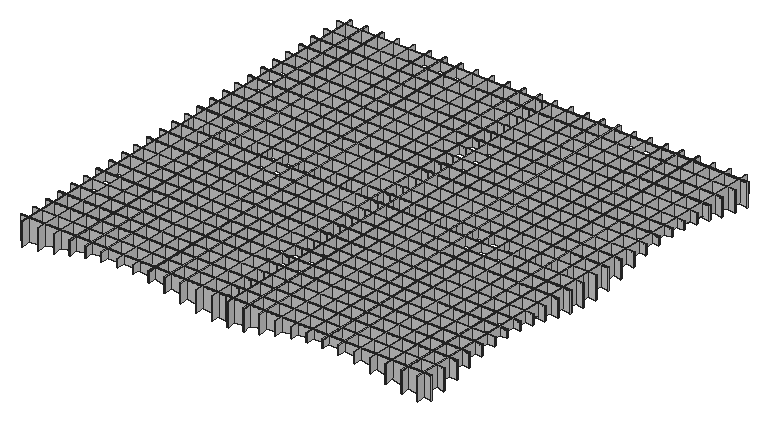
Revit family "CLD-WFL-002_RFA", category Modelos genéricos, Revit 2022 (continued)
Forms (in)
  Extrusion 429, solid
    sketch origin (145.61822, 216, 0) x (0, -1, 0) y (0, 0, 1)
      loop
        spline (37.14578, 2.4093) -> (37.87194, 2.30632) -> (38.59907, 2.20751) -> (39.32723, 2.11315) -> (40.05647, 2.02349) -> (40.78684, 1.93878) -> (41.51831, 1.85902) -> (42.25083, 1.78415) -> (42.98434, 1.71406) -> (43.71879, 1.64869) -> (44.45413, 1.58794) -> (45.19029, 1.53174) -> (45.92722, 1.47999)
        spline (45.92722, 1.47999) -> (46.57816, 1.44092) -> (47.22964, 1.40553) -> (47.88162, 1.37376) -> (48.53404, 1.34552) -> (49.18687, 1.32076) -> (49.84004, 1.2994) -> (50.49352, 1.28136) -> (51.14725, 1.26658) -> (51.80119, 1.25497) -> (52.45529, 1.24648) -> (53.1095, 1.24101) -> (53.76378, 1.23852)
        spline (53.76378, 1.23852) -> (54.49695, 1.24145) -> (55.23005, 1.2477) -> (55.96302, 1.25736) -> (56.69581, 1.2705) -> (57.42836, 1.2872) -> (58.16063, 1.30755) -> (58.89256, 1.33163) -> (59.62409, 1.35951) -> (60.35518, 1.39128) -> (61.08577, 1.42702) -> (61.8158, 1.46681) -> (62.54522, 1.51073)
        spline (62.54522, 1.51073) -> (63.20286, 1.5569) -> (63.85981, 1.60706) -> (64.51602, 1.66127) -> (65.17144, 1.7196) -> (65.82603, 1.78214) -> (66.47973, 1.84896) -> (67.1325, 1.92013) -> (67.78428, 1.99572) -> (68.43505, 2.07573) -> (69.08486, 2.15994) -> (69.73376, 2.24811) -> (70.38178, 2.34001)
        spline (70.38178, 2.34001) -> (71.11719, 2.45082) -> (71.85175, 2.56518) -> (72.58552, 2.6828) -> (73.31856, 2.80343) -> (74.05092, 2.92677) -> (74.78266, 3.05256) -> (75.51384, 3.1805) -> (76.2445, 3.31033) -> (76.97472, 3.44177) -> (77.70454, 3.57454) -> (78.43402, 3.70836) -> (79.16322, 3.84296)
        spline (79.16322, 3.84296) -> (79.81589, 3.96449) -> (80.46845, 4.08604) -> (81.12094, 4.20735) -> (81.77342, 4.32817) -> (82.42595, 4.44826) -> (83.07858, 4.56736) -> (83.73137, 4.68523) -> (84.38439, 4.80161) -> (85.03768, 4.91625) -> (85.6913, 5.02891) -> (86.34531, 5.13933) -> (86.99978, 5.24726)
        spline (86.99978, 5.24726) -> (87.72678, 5.36123) -> (88.45444, 5.47173) -> (89.18283, 5.57848) -> (89.91201, 5.68121) -> (90.64203, 5.77964) -> (91.37298, 5.87351) -> (92.10489, 5.96254) -> (92.83785, 6.04646) -> (93.5719, 6.125) -> (94.30712, 6.19789) -> (95.04356, 6.26486) -> (95.78122, 6.32579)
        spline (95.78122, 6.32579) -> (96.46987, 6.37175) -> (97.15943, 6.41238) -> (97.84985, 6.44778) -> (98.54104, 6.47801) -> (99.23294, 6.50316) -> (99.92548, 6.5233) -> (100.61859, 6.53851) -> (101.3122, 6.54886) -> (102.00624, 6.55445) -> (102.70063, 6.55534) -> (103.39532, 6.55161) -> (104.09022, 6.54334)
        spline (104.09022, 6.54334) -> (104.41609, 6.5372) -> (104.74197, 6.53005) -> (105.06787, 6.52189) -> (105.39376, 6.51274) -> (105.71965, 6.50259) -> (106.04553, 6.49146) -> (106.37138, 6.47935) -> (106.6972, 6.46628) -> (107.02298, 6.45226) -> (107.34871, 6.43729) -> (107.67439, 6.42139) -> (108, 6.40455)
        line (108, 6.40455) -> (108, 11.82144)
    from -0.11811 to 0
  Extrusion 430, solid
    sketch origin (137.30922, 216, 0) x (0, -1, 0) y (0, 0, 1)
      loop
        line (108, 11.82144) -> (0, 11.82144) -> (0, 4.58891)
        spline (0, 4.58891) -> (0.32561, 4.62796) -> (0.65129, 4.66617) -> (0.97702, 4.70353) -> (1.3028, 4.74004) -> (1.62862, 4.77569) -> (1.95447, 4.81048) -> (2.28035, 4.84439) -> (2.60624, 4.87743) -> (2.93213, 4.90957) -> (3.25803, 4.94083) -> (3.58391, 4.97119) -> (3.90978, 5.00064)
        spline (3.90978, 5.00064) -> (4.64427, 5.06081) -> (5.37851, 5.11675) -> (6.11244, 5.16838) -> (6.84597, 5.21566) -> (7.57904, 5.25851) -> (8.31157, 5.29688) -> (9.04348, 5.33072) -> (9.7747, 5.35995) -> (10.50516, 5.38452) -> (11.23478, 5.40437) -> (11.96349, 5.41944) -> (12.69122, 5.42966)
        spline (12.69122, 5.42966) -> (13.34952, 5.43128) -> (14.00673, 5.42829) -> (14.66285, 5.42076) -> (15.31792, 5.40886) -> (15.97202, 5.39278) -> (16.62518, 5.37269) -> (17.27747, 5.34877) -> (17.92894, 5.32119) -> (18.57965, 5.29014) -> (19.22966, 5.2558) -> (19.87902, 5.21833) -> (20.52778, 5.17793)
        spline (20.52778, 5.17793) -> (21.26115, 5.12722) -> (21.99402, 5.0737) -> (22.72645, 5.01759) -> (23.45851, 4.95908) -> (24.19025, 4.89838) -> (24.92176, 4.8357) -> (25.65308, 4.77124) -> (26.38429, 4.70521) -> (27.11544, 4.63782) -> (27.84661, 4.56926) -> (28.57785, 4.49975) -> (29.30922, 4.42949)
        spline (29.30922, 4.42949) -> (29.95995, 4.366) -> (30.61094, 4.30234) -> (31.26223, 4.2387) -> (31.91387, 4.17525) -> (32.56591, 4.11218) -> (33.21841, 4.04966) -> (33.87141, 3.98789) -> (34.52497, 3.92703) -> (35.17914, 3.86728) -> (35.83396, 3.80881) -> (36.48949, 3.75181) -> (37.14578, 3.69645)
        spline (37.14578, 3.69645) -> (37.87194, 3.63892) -> (38.59907, 3.58371) -> (39.32723, 3.53102) -> (40.05647, 3.48105) -> (40.78684, 3.43397) -> (41.51831, 3.38979) -> (42.25083, 3.34845) -> (42.98434, 3.30989) -> (43.7188, 3.27405) -> (44.45413, 3.24086) -> (45.19029, 3.21027) -> (45.92722, 3.18221)
        spline (45.92722, 3.18221) -> (46.57816, 3.16116) -> (47.22964, 3.14217) -> (47.88162, 3.12519) -> (48.53404, 3.11017) -> (49.18687, 3.09705) -> (49.84004, 3.08579) -> (50.49352, 3.07632) -> (51.14725, 3.06859) -> (51.80119, 3.06255) -> (52.45529, 3.05816) -> (53.1095, 3.05535) -> (53.76378, 3.05407)
        spline (53.76378, 3.05407) -> (54.49695, 3.0556) -> (55.23004, 3.05885) -> (55.96301, 3.06387) -> (56.6958, 3.07073) -> (57.42836, 3.07948) -> (58.16062, 3.09019) -> (58.89255, 3.10292) -> (59.62409, 3.11771) -> (60.35517, 3.13464) -> (61.08576, 3.15376) -> (61.81579, 3.17514) -> (62.54522, 3.19882)
        spline (62.54522, 3.19882) -> (63.20286, 3.22386) -> (63.85981, 3.25117) -> (64.51602, 3.28078) -> (65.17144, 3.31277) -> (65.82603, 3.34719) -> (66.47973, 3.38408) -> (67.1325, 3.42351) -> (67.78428, 3.46553) -> (68.43505, 3.51013) -> (69.08486, 3.55715) -> (69.73376, 3.60642) -> (70.38178, 3.65777)
        spline (70.38178, 3.65777) -> (71.1172, 3.71948) -> (71.85176, 3.78304) -> (72.58554, 3.84824) -> (73.31858, 3.91488) -> (74.05094, 3.98275) -> (74.78268, 4.05166) -> (75.51385, 4.12139) -> (76.24452, 4.19176) -> (76.97473, 4.26254) -> (77.70455, 4.33354) -> (78.43403, 4.40456) -> (79.16322, 4.47539)
        spline (79.16322, 4.47539) -> (79.80403, 4.53723) -> (80.44473, 4.59841) -> (81.08536, 4.65876) -> (81.72599, 4.7181) -> (82.36666, 4.77623) -> (83.00743, 4.83299) -> (83.64836, 4.88819) -> (84.28951, 4.94166) -> (84.93093, 4.9932) -> (85.57267, 5.04265) -> (86.21481, 5.08982) -> (86.85738, 5.13453)
        spline (86.85738, 5.13453) -> (87.59614, 5.18092) -> (88.33559, 5.22395) -> (89.07577, 5.26344) -> (89.81676, 5.29917) -> (90.55862, 5.33094) -> (91.30141, 5.35856) -> (92.04519, 5.38181) -> (92.79004, 5.4005) -> (93.53601, 5.41442) -> (94.28316, 5.42338) -> (95.03157, 5.42716) -> (95.78122, 5.4257)
        spline (95.78122, 5.4257) -> (96.43065, 5.41648) -> (97.08095, 5.40294) -> (97.73207, 5.38513) -> (98.38393, 5.36311) -> (99.03648, 5.33693) -> (99.68963, 5.30665) -> (100.34334, 5.27231) -> (100.99753, 5.23398) -> (101.65213, 5.19169) -> (102.30709, 5.14552) -> (102.96233, 5.09551) -> (103.61778, 5.04172)
        spline (103.61778, 5.04172) -> (103.98301, 5.00943) -> (104.34827, 4.97613) -> (104.71354, 4.94182) -> (105.07881, 4.90651) -> (105.44407, 4.8702) -> (105.80932, 4.83291) -> (106.17455, 4.79465) -> (106.53974, 4.75541) -> (106.90489, 4.71521) -> (107.26999, 4.67406) -> (107.63503, 4.63196) -> (108, 4.58891)
        line (108, 4.58891) -> (108, 11.82144)
    from -0.11811 to 0
  Extrusion 431, solid
    sketch origin (129.00022, 216, 0) x (0, -1, 0) y (0, 0, 1)
      loop
        line (108, 11.82144) -> (0, 11.82144) -> (0, 2.55729)
        spline (0, 2.55729) -> (0.32561, 2.61504) -> (0.65129, 2.67215) -> (0.97702, 2.72862) -> (1.3028, 2.78445) -> (1.62862, 2.83963) -> (1.95447, 2.89415) -> (2.28035, 2.94802) -> (2.60624, 3.00123) -> (2.93213, 3.05379) -> (3.25803, 3.10567) -> (3.58391, 3.15689) -> (3.90978, 3.20744)
        spline (3.90978, 3.20744) -> (4.64427, 3.31686) -> (5.37851, 3.42317) -> (6.11243, 3.52634) -> (6.84596, 3.62635) -> (7.57903, 3.72316) -> (8.31156, 3.81675) -> (9.04347, 3.90709) -> (9.77469, 3.99415) -> (10.50515, 4.07789) -> (11.23478, 4.1583) -> (11.96349, 4.23534) -> (12.69122, 4.30898)
        spline (12.69122, 4.30898) -> (13.34952, 4.37039) -> (14.00673, 4.4286) -> (14.66285, 4.48364) -> (15.31792, 4.53559) -> (15.97202, 4.58455) -> (16.62518, 4.63059) -> (17.27747, 4.67381) -> (17.92894, 4.71429) -> (18.57965, 4.75212) -> (19.22966, 4.78738) -> (19.87902, 4.82016) -> (20.52778, 4.85054)
        spline (20.52778, 4.85054) -> (21.26115, 4.88062) -> (21.99402, 4.90823) -> (22.72646, 4.93347) -> (23.45851, 4.95644) -> (24.19026, 4.97724) -> (24.92176, 4.99598) -> (25.65309, 5.01275) -> (26.38429, 5.02764) -> (27.11545, 5.04077) -> (27.84661, 5.05223) -> (28.57785, 5.06211) -> (29.30922, 5.07053)
        spline (29.30922, 5.07053) -> (29.95995, 5.07584) -> (30.61094, 5.08009) -> (31.26223, 5.08336) -> (31.91387, 5.08574) -> (32.56591, 5.08733) -> (33.21841, 5.0882) -> (33.87141, 5.08846) -> (34.52497, 5.08817) -> (35.17914, 5.08744) -> (35.83396, 5.08636) -> (36.48949, 5.085) -> (37.14578, 5.08346)
        spline (37.14578, 5.08346) -> (37.87194, 5.08165) -> (38.59907, 5.0799) -> (39.32723, 5.0783) -> (40.05647, 5.07696) -> (40.78684, 5.07594) -> (41.51831, 5.07527) -> (42.25083, 5.07491) -> (42.98434, 5.07483) -> (43.7188, 5.075) -> (44.45413, 5.07538) -> (45.19029, 5.07596) -> (45.92722, 5.0767)
        spline (45.92722, 5.0767) -> (46.57816, 5.07753) -> (47.22964, 5.07843) -> (47.88162, 5.07937) -> (48.53404, 5.08033) -> (49.18687, 5.08128) -> (49.84004, 5.0822) -> (50.49352, 5.08306) -> (51.14725, 5.08383) -> (51.80119, 5.0845) -> (52.45529, 5.08503) -> (53.1095, 5.0854) -> (53.76378, 5.08558)
        spline (53.76378, 5.08558) -> (54.49695, 5.08542) -> (55.23004, 5.08505) -> (55.96301, 5.0845) -> (56.6958, 5.0838) -> (57.42835, 5.08298) -> (58.16062, 5.08206) -> (58.89255, 5.08107) -> (59.62408, 5.08005) -> (60.35517, 5.07902) -> (61.08576, 5.07801) -> (61.81579, 5.07705) -> (62.54522, 5.07616)
        spline (62.54522, 5.07616) -> (63.20286, 5.07551) -> (63.85981, 5.075) -> (64.51602, 5.07466) -> (65.17144, 5.07452) -> (65.82603, 5.0746) -> (66.47973, 5.07493) -> (67.1325, 5.07554) -> (67.78428, 5.07645) -> (68.43505, 5.07766) -> (69.08486, 5.07909) -> (69.73376, 5.08066) -> (70.38178, 5.08229)
        spline (70.38178, 5.08229) -> (71.1172, 5.08386) -> (71.85177, 5.08523) -> (72.58555, 5.08629) -> (73.31859, 5.08695) -> (74.05095, 5.08712) -> (74.78269, 5.08668) -> (75.51386, 5.08555) -> (76.24453, 5.08362) -> (76.97474, 5.08079) -> (77.70455, 5.07697) -> (78.43403, 5.07206) -> (79.16322, 5.06596)
        spline (79.16322, 5.06596) -> (79.81589, 5.05858) -> (80.46845, 5.04989) -> (81.12094, 5.0398) -> (81.77342, 5.02821) -> (82.42595, 5.01505) -> (83.07858, 5.00022) -> (83.73137, 4.98363) -> (84.38439, 4.9652) -> (85.03768, 4.94483) -> (85.6913, 4.92244) -> (86.34531, 4.89793) -> (86.99978, 4.87123)
        spline (86.99978, 4.87123) -> (87.72677, 4.83707) -> (88.45442, 4.80022) -> (89.18281, 4.7606) -> (89.91198, 4.7181) -> (90.642, 4.67263) -> (91.37294, 4.62408) -> (92.10486, 4.57237) -> (92.83781, 4.5174) -> (93.57187, 4.45907) -> (94.3071, 4.39728) -> (95.04355, 4.33194) -> (95.78122, 4.26301)
        spline (95.78122, 4.26301) -> (96.43065, 4.19725) -> (97.08095, 4.12847) -> (97.73207, 4.05667) -> (98.38393, 3.9819) -> (99.03648, 3.90417) -> (99.68963, 3.82352) -> (100.34334, 3.73996) -> (100.99753, 3.65352) -> (101.65213, 3.56424) -> (102.30709, 3.47213) -> (102.96233, 3.37722) -> (103.61778, 3.27954)
        spline (103.61778, 3.27954) -> (103.98302, 3.22342) -> (104.34828, 3.16655) -> (104.71355, 3.10893) -> (105.07882, 3.05057) -> (105.44409, 2.99146) -> (105.80934, 2.93162) -> (106.17456, 2.87105) -> (106.53976, 2.80974) -> (106.9049, 2.74771) -> (107.27, 2.68496) -> (107.63504, 2.62148) -> (108, 2.55729)
        line (108, 2.55729) -> (108, 11.82144)
    from -0.11811 to 0
  Extrusion 432, solid
    sketch origin (120.69122, 216, 0) x (0, -1, 0) y (0, 0, 1)
      loop
        line (108, 11.82144) -> (0, 11.82144) -> (0, 0.88375)
        spline (0, 0.88375) -> (0.32561, 0.94348) -> (0.65129, 1.00296) -> (0.97702, 1.06219) -> (1.3028, 1.12116) -> (1.62862, 1.1799) -> (1.95447, 1.23838) -> (2.28035, 1.29662) -> (2.60624, 1.35462) -> (2.93213, 1.41237) -> (3.25803, 1.46988) -> (3.58391, 1.52715) -> (3.90978, 1.58418)
        spline (3.90978, 1.58418) -> (4.64426, 1.71122) -> (5.37851, 1.8372) -> (6.11243, 1.96212) -> (6.84596, 2.086) -> (7.57903, 2.20885) -> (8.31155, 2.33067) -> (9.04347, 2.45149) -> (9.77469, 2.57131) -> (10.50515, 2.69014) -> (11.23478, 2.80798) -> (11.96349, 2.92486) -> (12.69122, 3.04079)
        spline (12.69122, 3.04079) -> (13.34952, 3.14441) -> (14.00673, 3.24717) -> (14.66285, 3.34906) -> (15.31792, 3.45005) -> (15.97202, 3.55011) -> (16.62518, 3.64921) -> (17.27747, 3.74732) -> (17.92894, 3.8444) -> (18.57965, 3.94043) -> (19.22966, 4.03537) -> (19.87902, 4.12919) -> (20.52778, 4.22187)
        spline (20.52778, 4.22187) -> (21.26116, 4.32437) -> (21.99403, 4.42546) -> (22.72646, 4.52511) -> (23.45852, 4.62328) -> (24.19027, 4.71993) -> (24.92177, 4.81503) -> (25.6531, 4.90854) -> (26.3843, 5.00042) -> (27.11545, 5.09065) -> (27.84662, 5.17918) -> (28.57786, 5.26598) -> (29.30922, 5.35101)
        spline (29.30922, 5.35101) -> (29.95995, 5.42391) -> (30.61094, 5.49516) -> (31.26223, 5.56472) -> (31.91387, 5.63257) -> (32.56591, 5.69867) -> (33.21841, 5.763) -> (33.87141, 5.82551) -> (34.52497, 5.88618) -> (35.17914, 5.94498) -> (35.83396, 6.00187) -> (36.48949, 6.05683) -> (37.14578, 6.10982)
        spline (37.14578, 6.10982) -> (37.87194, 6.16453) -> (38.59907, 6.21702) -> (39.32723, 6.26723) -> (40.05647, 6.31514) -> (40.78684, 6.36072) -> (41.51831, 6.40397) -> (42.25083, 6.44489) -> (42.98434, 6.4835) -> (43.71879, 6.51981) -> (44.45413, 6.55383) -> (45.19029, 6.58557) -> (45.92722, 6.61503)
        spline (45.92722, 6.61503) -> (46.57816, 6.6376) -> (47.22964, 6.65822) -> (47.88162, 6.67689) -> (48.53404, 6.69363) -> (49.18687, 6.70845) -> (49.84004, 6.72134) -> (50.49352, 6.73234) -> (51.14725, 6.74143) -> (51.80119, 6.74863) -> (52.45529, 6.75396) -> (53.1095, 6.75742) -> (53.76378, 6.75901)
        spline (53.76378, 6.75901) -> (54.49695, 6.7572) -> (55.23004, 6.75331) -> (55.96301, 6.74732) -> (56.6958, 6.73922) -> (57.42835, 6.72901) -> (58.16062, 6.71667) -> (58.89255, 6.7022) -> (59.62408, 6.68557) -> (60.35517, 6.66679) -> (61.08576, 6.64585) -> (61.81579, 6.62272) -> (62.54522, 6.59741)
        spline (62.54522, 6.59741) -> (63.20286, 6.57112) -> (63.85981, 6.54281) -> (64.51602, 6.51247) -> (65.17144, 6.48008) -> (65.82603, 6.44563) -> (66.47973, 6.40912) -> (67.1325, 6.37054) -> (67.78428, 6.32988) -> (68.43505, 6.28713) -> (69.08486, 6.24233) -> (69.73376, 6.19551) -> (70.38178, 6.14669)
        spline (70.38178, 6.14669) -> (71.1172, 6.08737) -> (71.85177, 6.02584) -> (72.58554, 5.96214) -> (73.31858, 5.89631) -> (74.05094, 5.82838) -> (74.78268, 5.75838) -> (75.51386, 5.68636) -> (76.24452, 5.61234) -> (76.97473, 5.53637) -> (77.70455, 5.45847) -> (78.43403, 5.37869) -> (79.16322, 5.29705)
        spline (79.16322, 5.29705) -> (79.81589, 5.22111) -> (80.46845, 5.14359) -> (81.12094, 5.06452) -> (81.77342, 4.98394) -> (82.42595, 4.90188) -> (83.07858, 4.81837) -> (83.73137, 4.73344) -> (84.38439, 4.64713) -> (85.03768, 4.55947) -> (85.6913, 4.47048) -> (86.34531, 4.3802) -> (86.99978, 4.28866)
        spline (86.99978, 4.28866) -> (87.72677, 4.18488) -> (88.45442, 4.07981) -> (89.1828, 3.97349) -> (89.91197, 3.86595) -> (90.64199, 3.75723) -> (91.37293, 3.64737) -> (92.10485, 3.53639) -> (92.8378, 3.42433) -> (93.57186, 3.31123) -> (94.30709, 3.19712) -> (95.04354, 3.08203) -> (95.78122, 2.96599)
        spline (95.78122, 2.96599) -> (96.4698, 2.85601) -> (97.15931, 2.74512) -> (97.84968, 2.63332) -> (98.54085, 2.52058) -> (99.23273, 2.40692) -> (99.92527, 2.2923) -> (100.61838, 2.17673) -> (101.31201, 2.06019) -> (102.00608, 1.94268) -> (102.70052, 1.82418) -> (103.39525, 1.70469) -> (104.09022, 1.58418)
        spline (104.09022, 1.58418) -> (104.41609, 1.52715) -> (104.74197, 1.46988) -> (105.06787, 1.41237) -> (105.39376, 1.35462) -> (105.71965, 1.29662) -> (106.04553, 1.23838) -> (106.37138, 1.1799) -> (106.6972, 1.12116) -> (107.02298, 1.06219) -> (107.34871, 1.00296) -> (107.67439, 0.94348) -> (108, 0.88375)
        line (108, 0.88375) -> (108, 11.82144)
    from -0.11811 to 0
  Extrusion 433, solid
    sketch origin (169.95467, 216, 0) x (0, -1, 0) y (0, 0, 1)
      loop
        line (108, 11.82144) -> (0, 11.82144) -> (0, 7.49745)
        spline (0, 7.49745) -> (0.32561, 7.50061) -> (0.65129, 7.5028) -> (0.97702, 7.504) -> (1.3028, 7.50421) -> (1.62862, 7.5034) -> (1.95447, 7.50158) -> (2.28035, 7.49874) -> (2.60624, 7.49485) -> (2.93213, 7.48991) -> (3.25803, 7.48392) -> (3.58391, 7.47685) -> (3.90978, 7.46871)
        spline (3.90978, 7.46871) -> (4.64427, 7.44283) -> (5.37852, 7.41184) -> (6.11245, 7.37564) -> (6.84598, 7.33415) -> (7.57905, 7.28726) -> (8.31158, 7.23488) -> (9.04349, 7.17692) -> (9.77471, 7.11327) -> (10.50517, 7.04386) -> (11.23479, 6.96857) -> (11.9635, 6.88732) -> (12.69122, 6.80001)
        spline (12.69122, 6.80001) -> (13.34456, 6.71191) -> (13.99682, 6.61804) -> (14.64799, 6.5185) -> (15.29813, 6.41358) -> (15.94729, 6.30354) -> (16.59553, 6.18867) -> (17.2429, 6.06925) -> (17.88946, 5.94556) -> (18.53527, 5.81787) -> (19.18038, 5.68647) -> (19.82484, 5.55162) -> (20.46871, 5.41362)
        spline (20.46871, 5.41362) -> (21.20701, 5.25043) -> (21.94481, 5.08446) -> (22.68216, 4.91603) -> (23.41914, 4.74548) -> (24.15581, 4.57314) -> (24.89224, 4.39932) -> (25.62848, 4.22436) -> (26.36461, 4.04857) -> (27.10068, 3.8723) -> (27.83677, 3.69586) -> (28.57293, 3.51959) -> (29.30922, 3.3438)
        spline (29.30922, 3.3438) -> (29.95995, 3.18922) -> (30.61094, 3.03586) -> (31.26223, 2.884) -> (31.91387, 2.73392) -> (32.56591, 2.58591) -> (33.21841, 2.44027) -> (33.87141, 2.29726) -> (34.52497, 2.15719) -> (35.17914, 2.02034) -> (35.83396, 1.88699) -> (36.48949, 1.75744) -> (37.14578, 1.63196)
        spline (37.14578, 1.63196) -> (37.87194, 1.50186) -> (38.59907, 1.37703) -> (39.32723, 1.25779) -> (40.05647, 1.14445) -> (40.78684, 1.03728) -> (41.51831, 0.93629) -> (42.25083, 0.84139) -> (42.98434, 0.75249) -> (43.71879, 0.66948) -> (44.45413, 0.59228) -> (45.19029, 0.52078) -> (45.92722, 0.45488)
        spline (45.92722, 0.45488) -> (46.57816, 0.40504) -> (47.22964, 0.35985) -> (47.88162, 0.31924) -> (48.53404, 0.28312) -> (49.18687, 0.2514) -> (49.84004, 0.224) -> (50.49352, 0.20084) -> (51.14725, 0.18183) -> (51.80119, 0.1669) -> (52.45529, 0.15595) -> (53.1095, 0.14891) -> (53.76378, 0.14568)
        spline (53.76378, 0.14568) -> (54.49695, 0.14945) -> (55.23005, 0.1575) -> (55.96302, 0.16993) -> (56.69581, 0.18682) -> (57.42837, 0.20828) -> (58.16064, 0.23439) -> (58.89257, 0.26525) -> (59.6241, 0.30095) -> (60.35518, 0.34158) -> (61.08577, 0.38725) -> (61.8158, 0.43804) -> (62.54522, 0.49405)
        spline (62.54522, 0.49405) -> (63.20286, 0.55285) -> (63.85981, 0.61666) -> (64.51602, 0.68555) -> (65.17144, 0.75961) -> (65.82603, 0.83894) -> (66.47973, 0.92362) -> (67.1325, 1.01374) -> (67.78428, 1.10938) -> (68.43505, 1.21052) -> (69.08486, 1.31692) -> (69.73376, 1.42831) -> (70.38178, 1.54441)
        spline (70.38178, 1.54441) -> (71.11719, 1.68452) -> (71.85174, 1.82919) -> (72.58551, 1.97812) -> (73.31855, 2.13097) -> (74.05091, 2.28743) -> (74.78265, 2.44718) -> (75.51383, 2.60988) -> (76.24449, 2.77524) -> (76.97471, 2.94291) -> (77.70453, 3.11258) -> (78.43402, 3.28394) -> (79.16322, 3.45665)
        spline (79.16322, 3.45665) -> (79.81589, 3.61318) -> (80.46845, 3.77015) -> (81.12094, 3.92726) -> (81.77342, 4.08422) -> (82.42595, 4.24075) -> (83.07858, 4.39655) -> (83.73137, 4.55134) -> (84.38439, 4.70482) -> (85.03768, 4.85671) -> (85.6913, 5.00672) -> (86.34531, 5.15455) -> (86.99978, 5.29992)
        spline (86.99978, 5.29992) -> (87.72678, 5.4553) -> (88.45445, 5.60712) -> (89.18284, 5.75506) -> (89.91202, 5.8988) -> (90.64204, 6.03803) -> (91.37299, 6.17243) -> (92.1049, 6.3017) -> (92.83786, 6.42551) -> (93.57191, 6.54354) -> (94.30712, 6.6555) -> (95.04356, 6.76106) -> (95.78122, 6.8601)
        spline (95.78122, 6.8601) -> (96.43065, 6.93786) -> (97.08095, 7.01021) -> (97.73207, 7.07724) -> (98.38393, 7.13903) -> (99.03648, 7.19567) -> (99.68963, 7.24723) -> (100.34334, 7.29382) -> (100.99753, 7.33551) -> (101.65213, 7.37238) -> (102.30709, 7.40452) -> (102.96233, 7.43202) -> (103.61778, 7.45496)
        spline (103.61778, 7.45496) -> (103.98301, 7.46494) -> (104.34826, 7.47372) -> (104.71353, 7.4813) -> (105.0788, 7.48768) -> (105.44406, 7.4929) -> (105.80931, 7.49695) -> (106.17454, 7.49984) -> (106.53973, 7.5016) -> (106.90488, 7.50223) -> (107.26998, 7.50173) -> (107.63503, 7.50014) -> (108, 7.49745)
        line (108, 7.49745) -> (108, 11.82144)
    from -0.11811 to 0
  Extrusion 434, solid
    sketch origin (170.07278, 216, 0) x (0, -1, 0) y (0, 0, 1)
      loop
        line (108, 11.82144) -> (0, 11.82144) -> (0, 7.49745)
        spline (0, 7.49745) -> (0.32561, 7.50061) -> (0.65129, 7.5028) -> (0.97702, 7.504) -> (1.3028, 7.50421) -> (1.62862, 7.5034) -> (1.95447, 7.50158) -> (2.28035, 7.49874) -> (2.60624, 7.49485) -> (2.93213, 7.48991) -> (3.25803, 7.48392) -> (3.58391, 7.47685) -> (3.90978, 7.46871)
        spline (3.90978, 7.46871) -> (4.64427, 7.44283) -> (5.37852, 7.41184) -> (6.11245, 7.37564) -> (6.84598, 7.33415) -> (7.57905, 7.28726) -> (8.31158, 7.23488) -> (9.04349, 7.17692) -> (9.77471, 7.11327) -> (10.50517, 7.04386) -> (11.23479, 6.96857) -> (11.9635, 6.88732) -> (12.69122, 6.80001)
        spline (12.69122, 6.80001) -> (13.34456, 6.71191) -> (13.99682, 6.61804) -> (14.64799, 6.5185) -> (15.29813, 6.41358) -> (15.94729, 6.30354) -> (16.59553, 6.18867) -> (17.2429, 6.06925) -> (17.88946, 5.94556) -> (18.53527, 5.81787) -> (19.18038, 5.68647) -> (19.82484, 5.55162) -> (20.46871, 5.41362)
        spline (20.46871, 5.41362) -> (21.20701, 5.25043) -> (21.94481, 5.08446) -> (22.68216, 4.91603) -> (23.41914, 4.74548) -> (24.15581, 4.57314) -> (24.89224, 4.39932) -> (25.62848, 4.22436) -> (26.36461, 4.04857) -> (27.10068, 3.8723) -> (27.83677, 3.69586) -> (28.57293, 3.51959) -> (29.30922, 3.3438)
        spline (29.30922, 3.3438) -> (29.95995, 3.18922) -> (30.61094, 3.03586) -> (31.26223, 2.884) -> (31.91387, 2.73392) -> (32.56591, 2.58591) -> (33.21841, 2.44027) -> (33.87141, 2.29726) -> (34.52497, 2.15719) -> (35.17914, 2.02034) -> (35.83396, 1.88699) -> (36.48949, 1.75744) -> (37.14578, 1.63196)
        spline (37.14578, 1.63196) -> (37.87194, 1.50186) -> (38.59907, 1.37703) -> (39.32723, 1.25779) -> (40.05647, 1.14445) -> (40.78684, 1.03728) -> (41.51831, 0.93629) -> (42.25083, 0.84139) -> (42.98434, 0.75249) -> (43.71879, 0.66948) -> (44.45413, 0.59228) -> (45.19029, 0.52078) -> (45.92722, 0.45488)
        spline (45.92722, 0.45488) -> (46.57816, 0.40504) -> (47.22964, 0.35985) -> (47.88162, 0.31924) -> (48.53404, 0.28312) -> (49.18687, 0.2514) -> (49.84004, 0.224) -> (50.49352, 0.20084) -> (51.14725, 0.18183) -> (51.80119, 0.1669) -> (52.45529, 0.15595) -> (53.1095, 0.14891) -> (53.76378, 0.14568)
        spline (53.76378, 0.14568) -> (54.49695, 0.14945) -> (55.23005, 0.1575) -> (55.96302, 0.16993) -> (56.69581, 0.18682) -> (57.42837, 0.20828) -> (58.16064, 0.23439) -> (58.89257, 0.26525) -> (59.6241, 0.30095) -> (60.35518, 0.34158) -> (61.08577, 0.38725) -> (61.8158, 0.43804) -> (62.54522, 0.49405)
        spline (62.54522, 0.49405) -> (63.20286, 0.55285) -> (63.85981, 0.61666) -> (64.51602, 0.68555) -> (65.17144, 0.75961) -> (65.82603, 0.83894) -> (66.47973, 0.92362) -> (67.1325, 1.01374) -> (67.78428, 1.10938) -> (68.43505, 1.21052) -> (69.08486, 1.31692) -> (69.73376, 1.42831) -> (70.38178, 1.54441)
        spline (70.38178, 1.54441) -> (71.11719, 1.68452) -> (71.85174, 1.82919) -> (72.58551, 1.97812) -> (73.31855, 2.13097) -> (74.05091, 2.28743) -> (74.78265, 2.44718) -> (75.51383, 2.60988) -> (76.24449, 2.77524) -> (76.97471, 2.94291) -> (77.70453, 3.11258) -> (78.43402, 3.28394) -> (79.16322, 3.45665)
        spline (79.16322, 3.45665) -> (79.81589, 3.61318) -> (80.46845, 3.77015) -> (81.12094, 3.92726) -> (81.77342, 4.08422) -> (82.42595, 4.24075) -> (83.07858, 4.39655) -> (83.73137, 4.55134) -> (84.38439, 4.70482) -> (85.03768, 4.85671) -> (85.6913, 5.00672) -> (86.34531, 5.15455) -> (86.99978, 5.29992)
        spline (86.99978, 5.29992) -> (87.72678, 5.4553) -> (88.45445, 5.60712) -> (89.18284, 5.75506) -> (89.91202, 5.8988) -> (90.64204, 6.03803) -> (91.37299, 6.17243) -> (92.1049, 6.3017) -> (92.83786, 6.42551) -> (93.57191, 6.54354) -> (94.30712, 6.6555) -> (95.04356, 6.76106) -> (95.78122, 6.8601)
        spline (95.78122, 6.8601) -> (96.43065, 6.93786) -> (97.08095, 7.01021) -> (97.73207, 7.07724) -> (98.38393, 7.13903) -> (99.03648, 7.19567) -> (99.68963, 7.24723) -> (100.34334, 7.29382) -> (100.99753, 7.33551) -> (101.65213, 7.37238) -> (102.30709, 7.40452) -> (102.96233, 7.43202) -> (103.61778, 7.45496)
        spline (103.61778, 7.45496) -> (103.98301, 7.46494) -> (104.34826, 7.47372) -> (104.71353, 7.4813) -> (105.0788, 7.48768) -> (105.44406, 7.4929) -> (105.80931, 7.49695) -> (106.17454, 7.49984) -> (106.53973, 7.5016) -> (106.90488, 7.50223) -> (107.26998, 7.50173) -> (107.63503, 7.50014) -> (108, 7.49745)
        line (108, 7.49745) -> (108, 11.82144)
    from -0.47244 to 0
  Extrusion 435, solid
    sketch origin (170.54522, 216, 0) x (0, -1, 0) y (0, 0, 1)
      loop
        line (108, 11.82144) -> (0, 11.82144) -> (0, 7.49745)
        spline (0, 7.49745) -> (0.32561, 7.50061) -> (0.65129, 7.5028) -> (0.97702, 7.504) -> (1.3028, 7.50421) -> (1.62862, 7.5034) -> (1.95447, 7.50158) -> (2.28035, 7.49874) -> (2.60624, 7.49485) -> (2.93213, 7.48991) -> (3.25803, 7.48392) -> (3.58391, 7.47685) -> (3.90978, 7.46871)
        spline (3.90978, 7.46871) -> (4.64427, 7.44283) -> (5.37852, 7.41184) -> (6.11245, 7.37564) -> (6.84598, 7.33415) -> (7.57905, 7.28726) -> (8.31158, 7.23488) -> (9.04349, 7.17692) -> (9.77471, 7.11327) -> (10.50517, 7.04386) -> (11.23479, 6.96857) -> (11.9635, 6.88732) -> (12.69122, 6.80001)
        spline (12.69122, 6.80001) -> (13.34456, 6.71191) -> (13.99682, 6.61804) -> (14.64799, 6.5185) -> (15.29813, 6.41358) -> (15.94729, 6.30354) -> (16.59553, 6.18867) -> (17.2429, 6.06925) -> (17.88946, 5.94556) -> (18.53527, 5.81787) -> (19.18038, 5.68647) -> (19.82484, 5.55162) -> (20.46871, 5.41362)
        spline (20.46871, 5.41362) -> (21.20701, 5.25043) -> (21.94481, 5.08446) -> (22.68216, 4.91603) -> (23.41914, 4.74548) -> (24.15581, 4.57314) -> (24.89224, 4.39932) -> (25.62848, 4.22436) -> (26.36461, 4.04857) -> (27.10068, 3.8723) -> (27.83677, 3.69586) -> (28.57293, 3.51959) -> (29.30922, 3.3438)
        spline (29.30922, 3.3438) -> (29.95995, 3.18922) -> (30.61094, 3.03586) -> (31.26223, 2.884) -> (31.91387, 2.73392) -> (32.56591, 2.58591) -> (33.21841, 2.44027) -> (33.87141, 2.29726) -> (34.52497, 2.15719) -> (35.17914, 2.02034) -> (35.83396, 1.88699) -> (36.48949, 1.75744) -> (37.14578, 1.63196)
        spline (37.14578, 1.63196) -> (37.87194, 1.50186) -> (38.59907, 1.37703) -> (39.32723, 1.25779) -> (40.05647, 1.14445) -> (40.78684, 1.03728) -> (41.51831, 0.93629) -> (42.25083, 0.84139) -> (42.98434, 0.75249) -> (43.71879, 0.66948) -> (44.45413, 0.59228) -> (45.19029, 0.52078) -> (45.92722, 0.45488)
        spline (45.92722, 0.45488) -> (46.57816, 0.40504) -> (47.22964, 0.35985) -> (47.88162, 0.31924) -> (48.53404, 0.28312) -> (49.18687, 0.2514) -> (49.84004, 0.224) -> (50.49352, 0.20084) -> (51.14725, 0.18183) -> (51.80119, 0.1669) -> (52.45529, 0.15595) -> (53.1095, 0.14891) -> (53.76378, 0.14568)
        spline (53.76378, 0.14568) -> (54.49695, 0.14945) -> (55.23005, 0.1575) -> (55.96302, 0.16993) -> (56.69581, 0.18682) -> (57.42837, 0.20828) -> (58.16064, 0.23439) -> (58.89257, 0.26525) -> (59.6241, 0.30095) -> (60.35518, 0.34158) -> (61.08577, 0.38725) -> (61.8158, 0.43804) -> (62.54522, 0.49405)
        spline (62.54522, 0.49405) -> (63.20286, 0.55285) -> (63.85981, 0.61666) -> (64.51602, 0.68555) -> (65.17144, 0.75961) -> (65.82603, 0.83894) -> (66.47973, 0.92362) -> (67.1325, 1.01374) -> (67.78428, 1.10938) -> (68.43505, 1.21052) -> (69.08486, 1.31692) -> (69.73376, 1.42831) -> (70.38178, 1.54441)
        spline (70.38178, 1.54441) -> (71.11719, 1.68452) -> (71.85174, 1.82919) -> (72.58551, 1.97812) -> (73.31855, 2.13097) -> (74.05091, 2.28743) -> (74.78265, 2.44718) -> (75.51383, 2.60988) -> (76.24449, 2.77524) -> (76.97471, 2.94291) -> (77.70453, 3.11258) -> (78.43402, 3.28394) -> (79.16322, 3.45665)
        spline (79.16322, 3.45665) -> (79.81589, 3.61318) -> (80.46845, 3.77015) -> (81.12094, 3.92726) -> (81.77342, 4.08422) -> (82.42595, 4.24075) -> (83.07858, 4.39655) -> (83.73137, 4.55134) -> (84.38439, 4.70482) -> (85.03768, 4.85671) -> (85.6913, 5.00672) -> (86.34531, 5.15455) -> (86.99978, 5.29992)
        spline (86.99978, 5.29992) -> (87.72678, 5.4553) -> (88.45445, 5.60712) -> (89.18284, 5.75506) -> (89.91202, 5.8988) -> (90.64204, 6.03803) -> (91.37299, 6.17243) -> (92.1049, 6.3017) -> (92.83786, 6.42551) -> (93.57191, 6.54354) -> (94.30712, 6.6555) -> (95.04356, 6.76106) -> (95.78122, 6.8601)
        spline (95.78122, 6.8601) -> (96.43065, 6.93786) -> (97.08095, 7.01021) -> (97.73207, 7.07724) -> (98.38393, 7.13903) -> (99.03648, 7.19567) -> (99.68963, 7.24723) -> (100.34334, 7.29382) -> (100.99753, 7.33551) -> (101.65213, 7.37238) -> (102.30709, 7.40452) -> (102.96233, 7.43202) -> (103.61778, 7.45496)
        spline (103.61778, 7.45496) -> (103.98301, 7.46494) -> (104.34826, 7.47372) -> (104.71353, 7.4813) -> (105.0788, 7.48768) -> (105.44406, 7.4929) -> (105.80931, 7.49695) -> (106.17454, 7.49984) -> (106.53973, 7.5016) -> (106.90488, 7.50223) -> (107.26998, 7.50173) -> (107.63503, 7.50014) -> (108, 7.49745)
        line (108, 7.49745) -> (108, 11.82144)
    from -0.11811 to 0
  Extrusion 436, solid
    sketch origin (178.26367, 216, 0) x (0, -1, 0) y (0, 0, 1)
      loop
        line (108, 11.82144) -> (0, 11.82144) -> (0, 6.40455)
        spline (0, 6.40455) -> (0.32561, 6.42139) -> (0.65129, 6.43729) -> (0.97702, 6.45226) -> (1.3028, 6.46628) -> (1.62862, 6.47935) -> (1.95447, 6.49146) -> (2.28035, 6.50259) -> (2.60624, 6.51274) -> (2.93213, 6.52189) -> (3.25803, 6.53005) -> (3.58391, 6.5372) -> (3.90978, 6.54334)
        spline (3.90978, 6.54334) -> (4.64427, 6.55011) -> (5.37852, 6.55208) -> (6.11244, 6.54917) -> (6.84598, 6.5413) -> (7.57905, 6.52839) -> (8.31157, 6.51035) -> (9.04349, 6.4871) -> (9.77471, 6.45856) -> (10.50517, 6.42465) -> (11.23479, 6.38528) -> (11.9635, 6.34038) -> (12.69122, 6.28985)
        spline (12.69122, 6.28985) -> (13.34952, 6.23514) -> (14.00673, 6.17505) -> (14.66285, 6.10968) -> (15.31792, 6.03926) -> (15.97202, 5.96405) -> (16.62518, 5.88427) -> (17.27747, 5.80017) -> (17.92894, 5.712) -> (18.57965, 5.62) -> (19.22966, 5.52441) -> (19.87902, 5.42547) -> (20.52778, 5.32343)
        spline (20.52778, 5.32343) -> (21.26115, 5.20293) -> (21.99402, 5.07965) -> (22.72645, 4.95385) -> (23.4585, 4.82583) -> (24.19025, 4.69586) -> (24.92176, 4.56423) -> (25.65308, 4.43121) -> (26.38429, 4.29709) -> (27.11544, 4.16214) -> (27.84661, 4.02665) -> (28.57785, 3.8909) -> (29.30922, 3.75516)
        spline (29.30922, 3.75516) -> (29.95995, 3.63466) -> (30.61094, 3.51485) -> (31.26223, 3.39599) -> (31.91387, 3.2783) -> (32.56591, 3.16206) -> (33.21841, 3.04749) -> (33.87141, 2.93486) -> (34.52497, 2.8244) -> (35.17914, 2.71637) -> (35.83396, 2.61101) -> (36.48949, 2.50857) -> (37.14578, 2.4093)
        spline (37.14578, 2.4093) -> (37.87194, 2.30632) -> (38.59907, 2.20751) -> (39.32723, 2.11315) -> (40.05647, 2.02349) -> (40.78684, 1.93878) -> (41.51831, 1.85902) -> (42.25083, 1.78415) -> (42.98434, 1.71406) -> (43.71879, 1.64869) -> (44.45413, 1.58794) -> (45.19029, 1.53174) -> (45.92722, 1.47999)
        spline (45.92722, 1.47999) -> (46.57816, 1.44092) -> (47.22964, 1.40553) -> (47.88162, 1.37376) -> (48.53404, 1.34552) -> (49.18687, 1.32076) -> (49.84004, 1.2994) -> (50.49352, 1.28136) -> (51.14725, 1.26658) -> (51.80119, 1.25497) -> (52.45529, 1.24648) -> (53.1095, 1.24101) -> (53.76378, 1.23852)
        spline (53.76378, 1.23852) -> (54.49695, 1.24145) -> (55.23005, 1.2477) -> (55.96302, 1.25736) -> (56.69581, 1.2705) -> (57.42836, 1.2872) -> (58.16063, 1.30755) -> (58.89256, 1.33163) -> (59.62409, 1.35951) -> (60.35518, 1.39128) -> (61.08577, 1.42702) -> (61.8158, 1.46681) -> (62.54522, 1.51073)
        spline (62.54522, 1.51073) -> (63.20286, 1.5569) -> (63.85981, 1.60706) -> (64.51602, 1.66127) -> (65.17144, 1.7196) -> (65.82603, 1.78214) -> (66.47973, 1.84896) -> (67.1325, 1.92013) -> (67.78428, 1.99572) -> (68.43505, 2.07573) -> (69.08486, 2.15994) -> (69.73376, 2.24811) -> (70.38178, 2.34001)
        spline (70.38178, 2.34001) -> (71.11719, 2.45082) -> (71.85175, 2.56518) -> (72.58552, 2.6828) -> (73.31856, 2.80343) -> (74.05092, 2.92677) -> (74.78266, 3.05256) -> (75.51384, 3.1805) -> (76.2445, 3.31033) -> (76.97472, 3.44177) -> (77.70454, 3.57454) -> (78.43402, 3.70836) -> (79.16322, 3.84296)
        spline (79.16322, 3.84296) -> (79.81589, 3.96449) -> (80.46845, 4.08604) -> (81.12094, 4.20735) -> (81.77342, 4.32817) -> (82.42595, 4.44826) -> (83.07858, 4.56736) -> (83.73137, 4.68523) -> (84.38439, 4.80161) -> (85.03768, 4.91625) -> (85.6913, 5.02891) -> (86.34531, 5.13933) -> (86.99978, 5.24726)
        spline (86.99978, 5.24726) -> (87.72678, 5.36123) -> (88.45444, 5.47173) -> (89.18283, 5.57848) -> (89.91201, 5.68121) -> (90.64203, 5.77964) -> (91.37298, 5.87351) -> (92.10489, 5.96254) -> (92.83785, 6.04646) -> (93.5719, 6.125) -> (94.30712, 6.19789) -> (95.04356, 6.26486) -> (95.78122, 6.32579)
        spline (95.78122, 6.32579) -> (96.46987, 6.37175) -> (97.15943, 6.41238) -> (97.84985, 6.44778) -> (98.54104, 6.47801) -> (99.23294, 6.50316) -> (99.92548, 6.5233) -> (100.61859, 6.53851) -> (101.3122, 6.54886) -> (102.00624, 6.55445) -> (102.70063, 6.55534) -> (103.39532, 6.55161) -> (104.09022, 6.54334)
        spline (104.09022, 6.54334) -> (104.41609, 6.5372) -> (104.74197, 6.53005) -> (105.06787, 6.52189) -> (105.39376, 6.51274) -> (105.71965, 6.50259) -> (106.04553, 6.49146) -> (106.37138, 6.47935) -> (106.6972, 6.46628) -> (107.02298, 6.45226) -> (107.34871, 6.43729) -> (107.67439, 6.42139) -> (108, 6.40455)
        line (108, 6.40455) -> (108, 11.82144)
    from -0.11811 to 0
  Extrusion 437, solid
    sketch origin (178.38178, 216, 0) x (0, -1, 0) y (0, 0, 1)
      loop
        line (108, 11.82144) -> (0, 11.82144) -> (0, 6.40455)
        spline (0, 6.40455) -> (0.32561, 6.42139) -> (0.65129, 6.43729) -> (0.97702, 6.45226) -> (1.3028, 6.46628) -> (1.62862, 6.47935) -> (1.95447, 6.49146) -> (2.28035, 6.50259) -> (2.60624, 6.51274) -> (2.93213, 6.52189) -> (3.25803, 6.53005) -> (3.58391, 6.5372) -> (3.90978, 6.54334)
        spline (3.90978, 6.54334) -> (4.64427, 6.55011) -> (5.37852, 6.55208) -> (6.11244, 6.54917) -> (6.84598, 6.5413) -> (7.57905, 6.52839) -> (8.31157, 6.51035) -> (9.04349, 6.4871) -> (9.77471, 6.45856) -> (10.50517, 6.42465) -> (11.23479, 6.38528) -> (11.9635, 6.34038) -> (12.69122, 6.28985)
        spline (12.69122, 6.28985) -> (13.34952, 6.23514) -> (14.00673, 6.17505) -> (14.66285, 6.10968) -> (15.31792, 6.03926) -> (15.97202, 5.96405) -> (16.62518, 5.88427) -> (17.27747, 5.80017) -> (17.92894, 5.712) -> (18.57965, 5.62) -> (19.22966, 5.52441) -> (19.87902, 5.42547) -> (20.52778, 5.32343)
        spline (20.52778, 5.32343) -> (21.26115, 5.20293) -> (21.99402, 5.07965) -> (22.72645, 4.95385) -> (23.4585, 4.82583) -> (24.19025, 4.69586) -> (24.92176, 4.56423) -> (25.65308, 4.43121) -> (26.38429, 4.29709) -> (27.11544, 4.16214) -> (27.84661, 4.02665) -> (28.57785, 3.8909) -> (29.30922, 3.75516)
        spline (29.30922, 3.75516) -> (29.95995, 3.63466) -> (30.61094, 3.51485) -> (31.26223, 3.39599) -> (31.91387, 3.2783) -> (32.56591, 3.16206) -> (33.21841, 3.04749) -> (33.87141, 2.93486) -> (34.52497, 2.8244) -> (35.17914, 2.71637) -> (35.83396, 2.61101) -> (36.48949, 2.50857) -> (37.14578, 2.4093)
        spline (37.14578, 2.4093) -> (37.87194, 2.30632) -> (38.59907, 2.20751) -> (39.32723, 2.11315) -> (40.05647, 2.02349) -> (40.78684, 1.93878) -> (41.51831, 1.85902) -> (42.25083, 1.78415) -> (42.98434, 1.71406) -> (43.71879, 1.64869) -> (44.45413, 1.58794) -> (45.19029, 1.53174) -> (45.92722, 1.47999)
        spline (45.92722, 1.47999) -> (46.57816, 1.44092) -> (47.22964, 1.40553) -> (47.88162, 1.37376) -> (48.53404, 1.34552) -> (49.18687, 1.32076) -> (49.84004, 1.2994) -> (50.49352, 1.28136) -> (51.14725, 1.26658) -> (51.80119, 1.25497) -> (52.45529, 1.24648) -> (53.1095, 1.24101) -> (53.76378, 1.23852)
        spline (53.76378, 1.23852) -> (54.49695, 1.24145) -> (55.23005, 1.2477) -> (55.96302, 1.25736) -> (56.69581, 1.2705) -> (57.42836, 1.2872) -> (58.16063, 1.30755) -> (58.89256, 1.33163) -> (59.62409, 1.35951) -> (60.35518, 1.39128) -> (61.08577, 1.42702) -> (61.8158, 1.46681) -> (62.54522, 1.51073)
        spline (62.54522, 1.51073) -> (63.20286, 1.5569) -> (63.85981, 1.60706) -> (64.51602, 1.66127) -> (65.17144, 1.7196) -> (65.82603, 1.78214) -> (66.47973, 1.84896) -> (67.1325, 1.92013) -> (67.78428, 1.99572) -> (68.43505, 2.07573) -> (69.08486, 2.15994) -> (69.73376, 2.24811) -> (70.38178, 2.34001)
        spline (70.38178, 2.34001) -> (71.11719, 2.45082) -> (71.85175, 2.56518) -> (72.58552, 2.6828) -> (73.31856, 2.80343) -> (74.05092, 2.92677) -> (74.78266, 3.05256) -> (75.51384, 3.1805) -> (76.2445, 3.31033) -> (76.97472, 3.44177) -> (77.70454, 3.57454) -> (78.43402, 3.70836) -> (79.16322, 3.84296)
        spline (79.16322, 3.84296) -> (79.81589, 3.96449) -> (80.46845, 4.08604) -> (81.12094, 4.20735) -> (81.77342, 4.32817) -> (82.42595, 4.44826) -> (83.07858, 4.56736) -> (83.73137, 4.68523) -> (84.38439, 4.80161) -> (85.03768, 4.91625) -> (85.6913, 5.02891) -> (86.34531, 5.13933) -> (86.99978, 5.24726)
        spline (86.99978, 5.24726) -> (87.72678, 5.36123) -> (88.45444, 5.47173) -> (89.18283, 5.57848) -> (89.91201, 5.68121) -> (90.64203, 5.77964) -> (91.37298, 5.87351) -> (92.10489, 5.96254) -> (92.83785, 6.04646) -> (93.5719, 6.125) -> (94.30712, 6.19789) -> (95.04356, 6.26486) -> (95.78122, 6.32579)
        spline (95.78122, 6.32579) -> (96.46987, 6.37175) -> (97.15943, 6.41238) -> (97.84985, 6.44778) -> (98.54104, 6.47801) -> (99.23294, 6.50316) -> (99.92548, 6.5233) -> (100.61859, 6.53851) -> (101.3122, 6.54886) -> (102.00624, 6.55445) -> (102.70063, 6.55534) -> (103.39532, 6.55161) -> (104.09022, 6.54334)
        spline (104.09022, 6.54334) -> (104.41609, 6.5372) -> (104.74197, 6.53005) -> (105.06787, 6.52189) -> (105.39376, 6.51274) -> (105.71965, 6.50259) -> (106.04553, 6.49146) -> (106.37138, 6.47935) -> (106.6972, 6.46628) -> (107.02298, 6.45226) -> (107.34871, 6.43729) -> (107.67439, 6.42139) -> (108, 6.40455)
        line (108, 6.40455) -> (108, 11.82144)
    from -0.47244 to 0
  Extrusion 438, solid
    sketch origin (178.85422, 216, 0) x (0, -1, 0) y (0, 0, 1)
      loop
        line (108, 11.82144) -> (0, 11.82144) -> (0, 6.40455)
        spline (0, 6.40455) -> (0.32561, 6.42139) -> (0.65129, 6.43729) -> (0.97702, 6.45226) -> (1.3028, 6.46628) -> (1.62862, 6.47935) -> (1.95447, 6.49146) -> (2.28035, 6.50259) -> (2.60624, 6.51274) -> (2.93213, 6.52189) -> (3.25803, 6.53005) -> (3.58391, 6.5372) -> (3.90978, 6.54334)
        spline (3.90978, 6.54334) -> (4.64427, 6.55011) -> (5.37852, 6.55208) -> (6.11244, 6.54917) -> (6.84598, 6.5413) -> (7.57905, 6.52839) -> (8.31157, 6.51035) -> (9.04349, 6.4871) -> (9.77471, 6.45856) -> (10.50517, 6.42465) -> (11.23479, 6.38528) -> (11.9635, 6.34038) -> (12.69122, 6.28985)
        spline (12.69122, 6.28985) -> (13.34952, 6.23514) -> (14.00673, 6.17505) -> (14.66285, 6.10968) -> (15.31792, 6.03926) -> (15.97202, 5.96405) -> (16.62518, 5.88427) -> (17.27747, 5.80017) -> (17.92894, 5.712) -> (18.57965, 5.62) -> (19.22966, 5.52441) -> (19.87902, 5.42547) -> (20.52778, 5.32343)
        spline (20.52778, 5.32343) -> (21.26115, 5.20293) -> (21.99402, 5.07965) -> (22.72645, 4.95385) -> (23.4585, 4.82583) -> (24.19025, 4.69586) -> (24.92176, 4.56423) -> (25.65308, 4.43121) -> (26.38429, 4.29709) -> (27.11544, 4.16214) -> (27.84661, 4.02665) -> (28.57785, 3.8909) -> (29.30922, 3.75516)
        spline (29.30922, 3.75516) -> (29.95995, 3.63466) -> (30.61094, 3.51485) -> (31.26223, 3.39599) -> (31.91387, 3.2783) -> (32.56591, 3.16206) -> (33.21841, 3.04749) -> (33.87141, 2.93486) -> (34.52497, 2.8244) -> (35.17914, 2.71637) -> (35.83396, 2.61101) -> (36.48949, 2.50857) -> (37.14578, 2.4093)
        spline (37.14578, 2.4093) -> (37.87194, 2.30632) -> (38.59907, 2.20751) -> (39.32723, 2.11315) -> (40.05647, 2.02349) -> (40.78684, 1.93878) -> (41.51831, 1.85902) -> (42.25083, 1.78415) -> (42.98434, 1.71406) -> (43.71879, 1.64869) -> (44.45413, 1.58794) -> (45.19029, 1.53174) -> (45.92722, 1.47999)
        spline (45.92722, 1.47999) -> (46.57816, 1.44092) -> (47.22964, 1.40553) -> (47.88162, 1.37376) -> (48.53404, 1.34552) -> (49.18687, 1.32076) -> (49.84004, 1.2994) -> (50.49352, 1.28136) -> (51.14725, 1.26658) -> (51.80119, 1.25497) -> (52.45529, 1.24648) -> (53.1095, 1.24101) -> (53.76378, 1.23852)
        spline (53.76378, 1.23852) -> (54.49695, 1.24145) -> (55.23005, 1.2477) -> (55.96302, 1.25736) -> (56.69581, 1.2705) -> (57.42836, 1.2872) -> (58.16063, 1.30755) -> (58.89256, 1.33163) -> (59.62409, 1.35951) -> (60.35518, 1.39128) -> (61.08577, 1.42702) -> (61.8158, 1.46681) -> (62.54522, 1.51073)
        spline (62.54522, 1.51073) -> (63.20286, 1.5569) -> (63.85981, 1.60706) -> (64.51602, 1.66127) -> (65.17144, 1.7196) -> (65.82603, 1.78214) -> (66.47973, 1.84896) -> (67.1325, 1.92013) -> (67.78428, 1.99572) -> (68.43505, 2.07573) -> (69.08486, 2.15994) -> (69.73376, 2.24811) -> (70.38178, 2.34001)
        spline (70.38178, 2.34001) -> (71.11719, 2.45082) -> (71.85175, 2.56518) -> (72.58552, 2.6828) -> (73.31856, 2.80343) -> (74.05092, 2.92677) -> (74.78266, 3.05256) -> (75.51384, 3.1805) -> (76.2445, 3.31033) -> (76.97472, 3.44177) -> (77.70454, 3.57454) -> (78.43402, 3.70836) -> (79.16322, 3.84296)
        spline (79.16322, 3.84296) -> (79.81589, 3.96449) -> (80.46845, 4.08604) -> (81.12094, 4.20735) -> (81.77342, 4.32817) -> (82.42595, 4.44826) -> (83.07858, 4.56736) -> (83.73137, 4.68523) -> (84.38439, 4.80161) -> (85.03768, 4.91625) -> (85.6913, 5.02891) -> (86.34531, 5.13933) -> (86.99978, 5.24726)
        spline (86.99978, 5.24726) -> (87.72678, 5.36123) -> (88.45444, 5.47173) -> (89.18283, 5.57848) -> (89.91201, 5.68121) -> (90.64203, 5.77964) -> (91.37298, 5.87351) -> (92.10489, 5.96254) -> (92.83785, 6.04646) -> (93.5719, 6.125) -> (94.30712, 6.19789) -> (95.04356, 6.26486) -> (95.78122, 6.32579)
        spline (95.78122, 6.32579) -> (96.46987, 6.37175) -> (97.15943, 6.41238) -> (97.84985, 6.44778) -> (98.54104, 6.47801) -> (99.23294, 6.50316) -> (99.92548, 6.5233) -> (100.61859, 6.53851) -> (101.3122, 6.54886) -> (102.00624, 6.55445) -> (102.70063, 6.55534) -> (103.39532, 6.55161) -> (104.09022, 6.54334)
        spline (104.09022, 6.54334) -> (104.41609, 6.5372) -> (104.74197, 6.53005) -> (105.06787, 6.52189) -> (105.39376, 6.51274) -> (105.71965, 6.50259) -> (106.04553, 6.49146) -> (106.37138, 6.47935) -> (106.6972, 6.46628) -> (107.02298, 6.45226) -> (107.34871, 6.43729) -> (107.67439, 6.42139) -> (108, 6.40455)
        line (108, 6.40455) -> (108, 11.82144)
    from -0.11811 to 0
  Extrusion 439, solid
    sketch origin (186.57267, 216, 0) x (0, -1, 0) y (0, 0, 1)
      loop
        line (108, 11.82144) -> (0, 11.82144) -> (0, 4.58891)
        spline (0, 4.58891) -> (0.32561, 4.62796) -> (0.65129, 4.66617) -> (0.97702, 4.70353) -> (1.3028, 4.74004) -> (1.62862, 4.77569) -> (1.95447, 4.81048) -> (2.28035, 4.84439) -> (2.60624, 4.87743) -> (2.93213, 4.90957) -> (3.25803, 4.94083) -> (3.58391, 4.97119) -> (3.90978, 5.00064)
        spline (3.90978, 5.00064) -> (4.64427, 5.06081) -> (5.37851, 5.11675) -> (6.11244, 5.16838) -> (6.84597, 5.21566) -> (7.57904, 5.25851) -> (8.31157, 5.29688) -> (9.04348, 5.33072) -> (9.7747, 5.35995) -> (10.50516, 5.38452) -> (11.23478, 5.40437) -> (11.96349, 5.41944) -> (12.69122, 5.42966)
        spline (12.69122, 5.42966) -> (13.34952, 5.43128) -> (14.00673, 5.42829) -> (14.66285, 5.42076) -> (15.31792, 5.40886) -> (15.97202, 5.39278) -> (16.62518, 5.37269) -> (17.27747, 5.34877) -> (17.92894, 5.32119) -> (18.57965, 5.29014) -> (19.22966, 5.2558) -> (19.87902, 5.21833) -> (20.52778, 5.17793)
        spline (20.52778, 5.17793) -> (21.26115, 5.12722) -> (21.99402, 5.0737) -> (22.72645, 5.01759) -> (23.45851, 4.95908) -> (24.19025, 4.89838) -> (24.92176, 4.8357) -> (25.65308, 4.77124) -> (26.38429, 4.70521) -> (27.11544, 4.63782) -> (27.84661, 4.56926) -> (28.57785, 4.49975) -> (29.30922, 4.42949)
        spline (29.30922, 4.42949) -> (29.95995, 4.366) -> (30.61094, 4.30234) -> (31.26223, 4.2387) -> (31.91387, 4.17525) -> (32.56591, 4.11218) -> (33.21841, 4.04966) -> (33.87141, 3.98789) -> (34.52497, 3.92703) -> (35.17914, 3.86728) -> (35.83396, 3.80881) -> (36.48949, 3.75181) -> (37.14578, 3.69645)
        spline (37.14578, 3.69645) -> (37.87194, 3.63892) -> (38.59907, 3.58371) -> (39.32723, 3.53102) -> (40.05647, 3.48105) -> (40.78684, 3.43397) -> (41.51831, 3.38979) -> (42.25083, 3.34845) -> (42.98434, 3.30989) -> (43.7188, 3.27405) -> (44.45413, 3.24086) -> (45.19029, 3.21027) -> (45.92722, 3.18221)
        spline (45.92722, 3.18221) -> (46.57816, 3.16116) -> (47.22964, 3.14217) -> (47.88162, 3.12519) -> (48.53404, 3.11017) -> (49.18687, 3.09705) -> (49.84004, 3.08579) -> (50.49352, 3.07632) -> (51.14725, 3.06859) -> (51.80119, 3.06255) -> (52.45529, 3.05816) -> (53.1095, 3.05535) -> (53.76378, 3.05407)
        spline (53.76378, 3.05407) -> (54.49695, 3.0556) -> (55.23004, 3.05885) -> (55.96301, 3.06387) -> (56.6958, 3.07073) -> (57.42836, 3.07948) -> (58.16062, 3.09019) -> (58.89255, 3.10292) -> (59.62409, 3.11771) -> (60.35517, 3.13464) -> (61.08576, 3.15376) -> (61.81579, 3.17514) -> (62.54522, 3.19882)
        spline (62.54522, 3.19882) -> (63.20286, 3.22386) -> (63.85981, 3.25117) -> (64.51602, 3.28078) -> (65.17144, 3.31277) -> (65.82603, 3.34719) -> (66.47973, 3.38408) -> (67.1325, 3.42351) -> (67.78428, 3.46553) -> (68.43505, 3.51013) -> (69.08486, 3.55715) -> (69.73376, 3.60642) -> (70.38178, 3.65777)
        spline (70.38178, 3.65777) -> (71.1172, 3.71948) -> (71.85176, 3.78304) -> (72.58554, 3.84824) -> (73.31858, 3.91488) -> (74.05094, 3.98275) -> (74.78268, 4.05166) -> (75.51385, 4.12139) -> (76.24452, 4.19176) -> (76.97473, 4.26254) -> (77.70455, 4.33354) -> (78.43403, 4.40456) -> (79.16322, 4.47539)
        spline (79.16322, 4.47539) -> (79.80403, 4.53723) -> (80.44473, 4.59841) -> (81.08536, 4.65876) -> (81.72599, 4.7181) -> (82.36666, 4.77623) -> (83.00743, 4.83299) -> (83.64836, 4.88819) -> (84.28951, 4.94166) -> (84.93093, 4.9932) -> (85.57267, 5.04265) -> (86.21481, 5.08982) -> (86.85738, 5.13453)
        spline (86.85738, 5.13453) -> (87.59614, 5.18092) -> (88.33559, 5.22395) -> (89.07577, 5.26344) -> (89.81676, 5.29917) -> (90.55862, 5.33094) -> (91.30141, 5.35856) -> (92.04519, 5.38181) -> (92.79004, 5.4005) -> (93.53601, 5.41442) -> (94.28316, 5.42338) -> (95.03157, 5.42716) -> (95.78122, 5.4257)
        spline (95.78122, 5.4257) -> (96.43065, 5.41648) -> (97.08095, 5.40294) -> (97.73207, 5.38513) -> (98.38393, 5.36311) -> (99.03648, 5.33693) -> (99.68963, 5.30665) -> (100.34334, 5.27231) -> (100.99753, 5.23398) -> (101.65213, 5.19169) -> (102.30709, 5.14552) -> (102.96233, 5.09551) -> (103.61778, 5.04172)
        spline (103.61778, 5.04172) -> (103.98301, 5.00943) -> (104.34827, 4.97613) -> (104.71354, 4.94182) -> (105.07881, 4.90651) -> (105.44407, 4.8702) -> (105.80932, 4.83291) -> (106.17455, 4.79465) -> (106.53974, 4.75541) -> (106.90489, 4.71521) -> (107.26999, 4.67406) -> (107.63503, 4.63196) -> (108, 4.58891)
        line (108, 4.58891) -> (108, 11.82144)
    from -0.11811 to 0
  Extrusion 440, solid
    sketch origin (186.69078, 216, 0) x (0, -1, 0) y (0, 0, 1)
      loop
        line (108, 11.82144) -> (0, 11.82144) -> (0, 4.58891)
        spline (0, 4.58891) -> (0.32561, 4.62796) -> (0.65129, 4.66617) -> (0.97702, 4.70353) -> (1.3028, 4.74004) -> (1.62862, 4.77569) -> (1.95447, 4.81048) -> (2.28035, 4.84439) -> (2.60624, 4.87743) -> (2.93213, 4.90957) -> (3.25803, 4.94083) -> (3.58391, 4.97119) -> (3.90978, 5.00064)
        spline (3.90978, 5.00064) -> (4.64427, 5.06081) -> (5.37851, 5.11675) -> (6.11244, 5.16838) -> (6.84597, 5.21566) -> (7.57904, 5.25851) -> (8.31157, 5.29688) -> (9.04348, 5.33072) -> (9.7747, 5.35995) -> (10.50516, 5.38452) -> (11.23478, 5.40437) -> (11.96349, 5.41944) -> (12.69122, 5.42966)
        spline (12.69122, 5.42966) -> (13.34952, 5.43128) -> (14.00673, 5.42829) -> (14.66285, 5.42076) -> (15.31792, 5.40886) -> (15.97202, 5.39278) -> (16.62518, 5.37269) -> (17.27747, 5.34877) -> (17.92894, 5.32119) -> (18.57965, 5.29014) -> (19.22966, 5.2558) -> (19.87902, 5.21833) -> (20.52778, 5.17793)
        spline (20.52778, 5.17793) -> (21.26115, 5.12722) -> (21.99402, 5.0737) -> (22.72645, 5.01759) -> (23.45851, 4.95908) -> (24.19025, 4.89838) -> (24.92176, 4.8357) -> (25.65308, 4.77124) -> (26.38429, 4.70521) -> (27.11544, 4.63782) -> (27.84661, 4.56926) -> (28.57785, 4.49975) -> (29.30922, 4.42949)
        spline (29.30922, 4.42949) -> (29.95995, 4.366) -> (30.61094, 4.30234) -> (31.26223, 4.2387) -> (31.91387, 4.17525) -> (32.56591, 4.11218) -> (33.21841, 4.04966) -> (33.87141, 3.98789) -> (34.52497, 3.92703) -> (35.17914, 3.86728) -> (35.83396, 3.80881) -> (36.48949, 3.75181) -> (37.14578, 3.69645)
        spline (37.14578, 3.69645) -> (37.87194, 3.63892) -> (38.59907, 3.58371) -> (39.32723, 3.53102) -> (40.05647, 3.48105) -> (40.78684, 3.43397) -> (41.51831, 3.38979) -> (42.25083, 3.34845) -> (42.98434, 3.30989) -> (43.7188, 3.27405) -> (44.45413, 3.24086) -> (45.19029, 3.21027) -> (45.92722, 3.18221)
        spline (45.92722, 3.18221) -> (46.57816, 3.16116) -> (47.22964, 3.14217) -> (47.88162, 3.12519) -> (48.53404, 3.11017) -> (49.18687, 3.09705) -> (49.84004, 3.08579) -> (50.49352, 3.07632) -> (51.14725, 3.06859) -> (51.80119, 3.06255) -> (52.45529, 3.05816) -> (53.1095, 3.05535) -> (53.76378, 3.05407)
        spline (53.76378, 3.05407) -> (54.49695, 3.0556) -> (55.23004, 3.05885) -> (55.96301, 3.06387) -> (56.6958, 3.07073) -> (57.42836, 3.07948) -> (58.16062, 3.09019) -> (58.89255, 3.10292) -> (59.62409, 3.11771) -> (60.35517, 3.13464) -> (61.08576, 3.15376) -> (61.81579, 3.17514) -> (62.54522, 3.19882)
        spline (62.54522, 3.19882) -> (63.20286, 3.22386) -> (63.85981, 3.25117) -> (64.51602, 3.28078) -> (65.17144, 3.31277) -> (65.82603, 3.34719) -> (66.47973, 3.38408) -> (67.1325, 3.42351) -> (67.78428, 3.46553) -> (68.43505, 3.51013) -> (69.08486, 3.55715) -> (69.73376, 3.60642) -> (70.38178, 3.65777)
        spline (70.38178, 3.65777) -> (71.1172, 3.71948) -> (71.85176, 3.78304) -> (72.58554, 3.84824) -> (73.31858, 3.91488) -> (74.05094, 3.98275) -> (74.78268, 4.05166) -> (75.51385, 4.12139) -> (76.24452, 4.19176) -> (76.97473, 4.26254) -> (77.70455, 4.33354) -> (78.43403, 4.40456) -> (79.16322, 4.47539)
        spline (79.16322, 4.47539) -> (79.80403, 4.53723) -> (80.44473, 4.59841) -> (81.08536, 4.65876) -> (81.72599, 4.7181) -> (82.36666, 4.77623) -> (83.00743, 4.83299) -> (83.64836, 4.88819) -> (84.28951, 4.94166) -> (84.93093, 4.9932) -> (85.57267, 5.04265) -> (86.21481, 5.08982) -> (86.85738, 5.13453)
        spline (86.85738, 5.13453) -> (87.59614, 5.18092) -> (88.33559, 5.22395) -> (89.07577, 5.26344) -> (89.81676, 5.29917) -> (90.55862, 5.33094) -> (91.30141, 5.35856) -> (92.04519, 5.38181) -> (92.79004, 5.4005) -> (93.53601, 5.41442) -> (94.28316, 5.42338) -> (95.03157, 5.42716) -> (95.78122, 5.4257)
        spline (95.78122, 5.4257) -> (96.43065, 5.41648) -> (97.08095, 5.40294) -> (97.73207, 5.38513) -> (98.38393, 5.36311) -> (99.03648, 5.33693) -> (99.68963, 5.30665) -> (100.34334, 5.27231) -> (100.99753, 5.23398) -> (101.65213, 5.19169) -> (102.30709, 5.14552) -> (102.96233, 5.09551) -> (103.61778, 5.04172)
